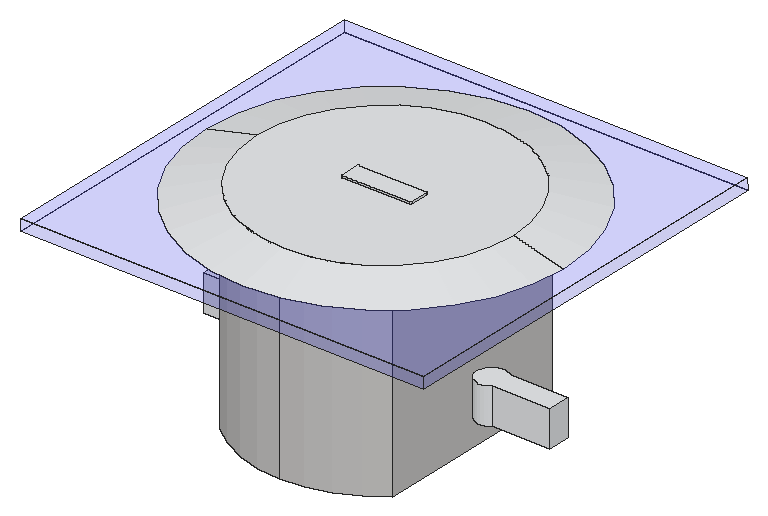
Revit family "AD-C.SAT", category Communication Devices, host Face, Revit 2015
Parameters
  Width = Grille Radius Base * 2  # 150 mm
  Weight Product (lb) = 1.39
  Weight Product (kg) = 0.63
  URL = "https://www.qsc.com/systems/products/loudspeakers/small-format-subsat/acousticdesign-series-subsat-loudspeakers/ad-c-sat/"
  Sensitivity = 82
  SPL Max = 96
  Regulatory Compliance = "UL1480, UL2043, NFPA90, NFPA70 suitable for use in air handling spaces.\nTransformer UL registered per UL1876, ROHS, CE compliant. \nBaffle meets UL94-V0 and UL94-5VB flamibility rating; in accordance with \nIEC60849 / EN60849 systems"
  Product Page URL = "https://www.qsc.com/systems/products/loudspeakers/small-format-subsat/acousticdesign-series-subsat-loudspeakers/ad-c-sat/"
  Product Documentation Link = "https://www.qsc.com/resource-files/productresources/spk/ad/ad-c.sat/q_spk_ad-c_sat_specs.pdf"
  Power Handling = 25
  Model = "AD-C.SAT"
  Middle Radius = 55.45 mm
  Middle Depth = 7.5 mm
  Manufacturer URL = "www.qsc.com"
  Manufacturer = "QSC"
  Logo Material [instance] = White Powder Coated Finish
  Impedance = 16
  Grille Radius Extent = 53.8 mm
  Grille Radius Base = 75 mm
  Grille Material [instance] = White Powder Coated Mesh
  Grille Depth = 4.9 mm
  Enclosure Radius = 55.45 mm
  Enclosure Depth = 73.6 mm
  Description = "2.75-inch small format ceiling satellite loudspeaker"
  Depth = Grille Depth + Middle Depth + Enclosure Depth  # 86 mm
  Default Elevation = 0 mm
  Coverage Vertical = 170.00°
  Coverage Horizontal = 170.00°
Reference planes
  plane 1 "Center (Front/Back)": y = 0
  plane 2: z = 0
  plane 3 "Center (Left/Right)": x = 0
  plane 4 "Grill Extent": z = 4.9
  plane 5 "Enclosure Extent": z = -81.1
  plane 6 "Middle Extent": z = -7.5
Forms (mm)
  Extrusion 1, solid, material "Glass"
    sketch origin (14.7, -39.7, 0) x (1, 0, 0) y (0, 1, 0)
      loop
        line (-99.7, 124.7) -> (-99.7, -45.858) -> (69.628, -45.858) -> (69.628, 124.7) -> (-99.7, 124.7)
    from 0 to -5
  Extrusion 2, solid, material "Steel"
    sketch origin (0, 0, -7.5) x (0, 1, 0) y (-1, 0, 0)
      loop
        circle (0, 0) r 55.45
    from 0 to 7.5 <- "Middle Depth"
  Extrusion 3, solid, material "Steel"
    sketch origin (0, 0, -81.1) x (0, 1, 0) y (-1, 0, 0)
      loop
        circle (0, 0) r 55.45
    from 0 to 73.6 <- "Enclosure Depth"
  Blend 4, solid, material "White Powder Coated Mesh" <- "Grille Material"
    base sketch origin (0, 0, 0) x (1, 0, 0) y (0, 1, 0)
      loop
        circle (0, 0) r 75
    top sketch origin (0, 0, 0) x (1, 0, 0) y (0, 1, 0)
      loop
        circle (0, 0) r 53.8
    from 0 to 4.9 <- "Grille Depth"
  Extrusion 5, solid, material "White Powder Coated Finish" <- "Logo Material"
    sketch origin (-182.677, -24.318, 4.9) x (0, 1, 0) y (-1, 0, 0)
      loop
        arc (28.268, -168.392) -> (28.119, -168.033) -> (27.76, -167.884) r 0.508
        line (27.76, -167.884) -> (20.111, -167.884)
        arc (20.111, -167.884) -> (19.752, -168.033) -> (19.603, -168.392) r 0.508
        line (19.603, -168.392) -> (19.603, -196.527)
        arc (19.603, -196.527) -> (19.752, -196.887) -> (20.111, -197.035) r 0.508
        line (20.111, -197.035) -> (27.76, -197.035)
        arc (27.76, -197.035) -> (28.119, -196.887) -> (28.268, -196.527) r 0.508
        line (28.268, -196.527) -> (28.268, -168.392)
    from 0 to 0.794
  Extrusion 6, void
    sketch origin (0, 0, -81.1) x (0, 1, 0) y (-1, 0, 0)
      loop
        line (44.75, 57.012) -> (-45.25, 57.012) -> (-45.25, 36.387) -> (44.75, 36.387) -> (44.75, 57.012)
      loop
        line (44.75, -57.012) -> (44.75, -36.387) -> (-45.25, -36.387) -> (-45.25, -57.012) -> (44.75, -57.012)
    from 0 to 73.6 <- "Enclosure Depth"
  Extrusion 7, solid, material "Steel"
    sketch origin (0, 0, -7.5) x (0, 1, 0) y (-1, 0, 0)
      loop
        arc (4.799, -48.547) -> (-0.091, -38.2) -> (-4.799, -48.631) r 6.303
        line (-4.799, -48.631) -> (-4.799, -72.6) -> (4.799, -72.6) -> (4.799, -48.547)
      loop
        line (4.799, 48.547) -> (4.799, 72.6) -> (-4.799, 72.6) -> (-4.799, 48.631)
        arc (-4.799, 48.631) -> (-0.091, 38.2) -> (4.799, 48.547) r 6.303
    from -44 to -59
Cuts and joins
  Extrusion 6 cuts Extrusion 2
  Extrusion 6 cuts Extrusion 3
Lines and regions (mm)
  model lines
    curve 1: line (1.937, -1.546, 5.694) -> (-0.28, 1.374, 5.694)
    curve 2: line (-0.28, 1.374, 5.694) -> (1.937, -1.546, 5.694)
    curve 3: line (-8.315, -1.182, 5.694) -> (-7.478, 1.831, 5.694)
    curve 4: line (-7.478, 1.831, 5.694) -> (-8.315, -1.182, 5.694)
    curve 5: line (-6.916, -3.176, 5.694) -> (-7.541, 2.398, 5.694)
    curve 6: line (-7.541, 2.398, 5.694) -> (-6.916, -3.176, 5.694)
    curve 7: line (4.904, 0.724, 5.694) -> (6.881, -0.728, 5.694)
    curve 8: line (6.881, -0.728, 5.694) -> (4.904, 0.724, 5.694)
Dimensions and locks
  "Grille Depth": plane 4 "Grill Extent" to plane 2
  "Middle Depth": plane 6 "Middle Extent" to plane 2
  "Enclosure Depth": plane 5 "Enclosure Extent" to plane 6 "Middle Extent"
  "Middle Radius": radius of Extrusion 2 sketch curve
  "Enclosure Radius": radius of Extrusion 3 sketch curve
  "Grille Radius Base": radius of Blend 4 sketch curve
  "Grille Radius Extent": radius of Blend 4 sketch curve
  aligned and locked: plane 2 to Extrusion 1
  aligned and locked: level to Extrusion 1
  aligned and locked: Blend 4 to plane 2
Automatic sketch dimensions
  Extrusion 1 sketch curve to Extrusion 1 sketch curve = 169.328 mm
  Extrusion 1 sketch curve to Extrusion 1 sketch curve = 170.558 mm
  plane 1 "Center (Front/Back)" to Extrusion 2 sketch curve = 0 mm
  Extrusion 2 sketch curve to plane 3 "Center (Left/Right)" = 0 mm
  plane 1 "Center (Front/Back)" to Extrusion 3 sketch curve = 0 mm
  Extrusion 3 sketch curve to plane 3 "Center (Left/Right)" = 0 mm
  plane 1 "Center (Front/Back)" to Blend 4 sketch curve = 0 mm  (x2)
  Blend 4 sketch curve to plane 3 "Center (Left/Right)" = 0 mm  (x2)
  plane 1 "Center (Front/Back)" to Extrusion 5 sketch curve = 4.714 mm
  Extrusion 5 sketch curve to Extrusion 5 sketch curve = 0.508 mm  (x3)
  Extrusion 5 sketch curve to Extrusion 5 sketch curve = 7.649 mm  (x2)
  plane 3 "Center (Left/Right)" to Extrusion 5 sketch curve = 14.359 mm
  Extrusion 5 sketch curve to Extrusion 5 sketch curve = 28.136 mm
  curve 6 to Extrusion 5 = 1.538 mm
  curve 5 to curve 6 = 0 mm  (x3)
  curve 1 to Extrusion 5 = 3.168 mm
  curve 2 to curve 1 = 0 mm  (x3)
  curve 6 to curve 4 = 1.994 mm
  curve 3 to curve 4 = 0 mm  (x3)
  curve 7 to Extrusion 5 = 3.986 mm
  curve 8 to curve 7 = 0 mm  (x3)
  curve 8 to curve 7 = 1.452 mm
  curve 1 to Extrusion 5 = 2.576 mm
  curve 3 to curve 6 = 0.568 mm
  curve 8 to Extrusion 5 = 7.478 mm
  curve 7 to curve 8 = 0 mm
  curve 8 to curve 7 = 1.976 mm
  curve 7 to curve 2 = 2.968 mm
  curve 1 to curve 2 = 0 mm
  curve 1 to curve 1 = 2.216 mm
  curve 6 to Extrusion 5 = 7.876 mm
  curve 5 to curve 4 = 0.561 mm
  curve 3 to curve 5 = 0.064 mm
  curve 6 to curve 5 = 0 mm
  curve 6 to curve 4 = 1.399 mm
  plane 1 "Center (Front/Back)" to Extrusion 7 sketch curve = 4.799 mm  (x2)
  plane 1 "Center (Front/Back)" to Extrusion 7 sketch curve = 0.036 mm  (x2)
  Extrusion 7 sketch curve to plane 1 "Center (Front/Back)" = 4.799 mm  (x2)
  plane 3 "Center (Left/Right)" to Extrusion 7 sketch curve = 72.6 mm
  Extrusion 7 sketch curve to Extrusion 7 sketch curve = 23.969 mm
  Extrusion 7 sketch curve to Extrusion 7 sketch curve = 0.084 mm
  Extrusion 7 sketch curve to plane 3 "Center (Left/Right)" = 44.503 mm
  Extrusion 7 sketch curve to Extrusion 7 sketch curve = 4.044 mm
  Extrusion 7 sketch curve to Extrusion 7 sketch curve = 24.053 mm
  plane 1 "Center (Front/Back)" to Extrusion 6 sketch curve = 45.25 mm  (x2)
  Extrusion 6 sketch curve to Extrusion 6 sketch curve = 90 mm  (x2)
  plane 3 "Center (Left/Right)" to Extrusion 6 sketch curve = 57.012 mm
  Extrusion 6 sketch curve to plane 3 "Center (Left/Right)" = 36.387 mm
  Extrusion 6 sketch curve to Extrusion 6 sketch curve = 20.625 mm  (x2)
Connectors
  electrical at (0, 0, -81.1)
    settings: on Extrusion 3, index 2, voltage 0 V, apparent load 0 VA, apparent load phase1 0 VA, apparent load phase2 0 VA, apparent load phase3 0 VA, power factor 1, load classification "Other", number of poles 1, system type 14, power factor state 1, is connector primary yes, connector utility no, sub classification motor no, connector description "Speaker"
